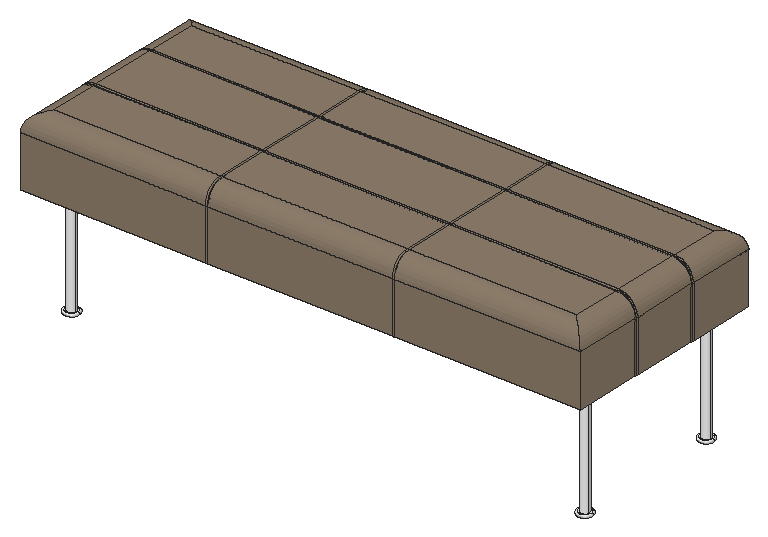
Revit family
Parameters (values of type "3 Seat Sofa")
  Width = 1200 mm
  Material Legs = Metal - Chrome Polished
  Material Fabric = Fabric - Leather Brown
  Keynote = "N"
  Height = 400 mm
  Depth = 450 mm
  Assembly Code = ""
Types (2, lengths in mm): name | Width | Depth
  Armchair | 800 | 600
  3 Seat Sofa | 1200 | 450
Reference planes
  plane 1 "Center (Front/Back)": y = 0
  plane 2: z = 0
  plane 3 "Center (Left/Right)": x = 121.381
  plane 4: z = 400
  plane 5: x = -478.619
  plane 6: x = 721.381
  plane 7: y = -450
  plane 8: y = -150
  plane 9: y = -300
  plane 10: x = -78.619
  plane 11: x = 321.381
  plane 12: y = -375
  plane 13: y = -50
  plane 14: x = -428.619
  plane 15: x = 671.381
Forms (mm)
  Extrusion 1, solid, material "Fabric - Leather Brown" <- "Material Fabric"
    sketch origin (0, 0, 0) x (1, 0, 0) y (0, 0, 1)
      loop
        line (-478.619, 400) -> (-478.619, 250) -> (721.381, 250) -> (721.381, 400) -> (-478.619, 400)
    from 0 to 450
  Sweep 2, void
    path in 3D
      loop
        line (-478.619, -450, 400) -> (-478.619, 0, 400) -> (721.381, 0, 400) -> (721.381, -450, 400) -> (-478.619, -450, 400)
    profile origin (121.381, -450, 400) x (0, -1, 0) y (0, 0, 1)
      loop
        arc (-40, 0) -> (-11.716, -11.716) -> (0, -40) r 40
        line (0, -40) -> (0, 0) -> (-40, 0)
  Revolve 3, solid, material "Metal - Chrome Polished" <- "Material Legs"
    sketch origin (-372.845, -375, 1200) x (-1, 0, 0) y (0, 0, 1)
      loop
        line (55.774, -950) -> (55.774, -1200) -> (69.774, -1200)
        arc (69.774, -1200) -> (72.274, -1197.5) -> (69.774, -1195) r 2.5
        line (69.774, -1195) -> (64.774, -1195) -> (64.774, -950) -> (55.774, -950)
      axis (55.774, -1200) -> (55.774, -950)
    angle from 0 to 360
  Revolve 4, solid, material "Metal - Chrome Polished" <- "Material Legs"
    sketch origin (615.608, -375, 1200) x (1, 0, 0) y (0, 0, -1)
      loop
        line (55.774, 950) -> (64.774, 950) -> (64.774, 1195) -> (69.774, 1195)
        arc (69.774, 1195) -> (72.274, 1197.5) -> (69.774, 1200) r 2.5
        line (69.774, 1200) -> (55.774, 1200) -> (55.774, 950)
      axis (55.774, 1200) -> (55.774, 950)
    angle from 0 to 360
  Revolve 5, solid, material "Metal - Chrome Polished" <- "Material Legs"
    sketch origin (-399.747, -50, 1200) x (-1, 0, 0) y (0, 0, 1)
      loop
        line (28.872, -950) -> (28.872, -1200) -> (42.872, -1200)
        arc (42.872, -1200) -> (45.372, -1197.5) -> (42.872, -1195) r 2.5
        line (42.872, -1195) -> (37.872, -1195) -> (37.872, -950) -> (28.872, -950)
      axis (28.872, -1200) -> (28.872, -950)
    angle from 0 to 360
  Revolve 6, solid, material "Metal - Chrome Polished" <- "Material Legs"
    sketch origin (-399.747, -50, 1200) x (-1, 0, 0) y (0, 0, 1)
      loop
        line (-1071.128, -950) -> (-1080.128, -950) -> (-1080.128, -1195) -> (-1085.128, -1195)
        arc (-1085.128, -1195) -> (-1087.628, -1197.5) -> (-1085.128, -1200) r 2.5
        line (-1085.128, -1200) -> (-1071.128, -1200) -> (-1071.128, -950)
      axis (-1071.128, -1200) -> (-1071.128, -950)
    angle from 0 to 360
  Sweep 7, void
    path origin (-372.845, -375, 1200) x (-1, 0, 0) y (0, 0, 1)
      loop
        line (105.774, -950) -> (105.774, -840)
        arc (105.774, -840) -> (94.058, -811.716) -> (65.774, -800) r 40
        line (65.774, -800) -> (-1054.226, -800)
        arc (-1054.226, -800) -> (-1082.511, -811.716) -> (-1094.226, -840) r 40
        line (-1094.226, -840) -> (-1094.226, -950)
    profile origin (-478.619, -375, 305) x (1, 0, 0) y (0, 1, 0)
      loop
        arc (2.679, 75) -> (0.785, 75.785) -> (0, 77.679) r 2.679
        line (0, 77.679) -> (0, 72.321)
        arc (0, 72.321) -> (0.785, 74.215) -> (2.679, 75) r 2.679
      loop
        arc (2.679, 225) -> (0.785, 225.785) -> (0, 227.679) r 2.679
        line (0, 227.679) -> (0, 222.321)
        arc (0, 222.321) -> (0.785, 224.215) -> (2.679, 225) r 2.679
  Sweep 8, void
    path origin (121.381, 0, 0) x (0, 1, 0) y (0, 0, 1)
      loop
        line (0, 250) -> (0, 360)
        arc (0, 360) -> (-11.716, 388.284) -> (-40, 400) r 40
        line (-40, 400) -> (-410, 400)
        arc (-410, 400) -> (-438.284, 388.284) -> (-450, 360) r 40
        line (-450, 360) -> (-450, 250)
    profile origin (121.381, -450, 305) x (1, 0, 0) y (0, 1, 0)
      loop
        arc (-200, 2.679) -> (-200.785, 0.785) -> (-202.679, 0) r 2.679
        line (-202.679, 0) -> (-197.321, 0)
        arc (-197.321, 0) -> (-199.215, 0.785) -> (-200, 2.679) r 2.679
      loop
        arc (200, 2.679) -> (199.215, 0.785) -> (197.321, 0) r 2.679
        line (197.321, 0) -> (202.679, 0)
        arc (202.679, 0) -> (200.785, 0.785) -> (200, 2.679) r 2.679
Cuts and joins
  Sweep 2, Sweep 7, Sweep 8 cuts Extrusion 1
Lines and regions (mm)
  sketch lines
    curve 1: line (721.381, -450, 400) -> (-478.619, -450, 400)
    curve 2: line (-478.619, -450, 400) -> (-478.619, 0, 400)
    curve 3: line (-478.619, 0, 400) -> (721.381, 0, 400)
    curve 4: line (721.381, -450, 400) -> (721.381, 0, 400)
Dimensions and locks
  equal spacing: plane 5, plane 3 "Center (Left/Right)", plane 6
  "Width": plane 5 to plane 6
  "Depth": plane 7 to plane 1 "Center (Front/Back)"
  equal spacing: plane 5, plane 10, plane 11, plane 6
  equal spacing: plane 1 "Center (Front/Back)", plane 8, plane 9, plane 7
  locked: plane 5 to plane 14 at 50
  locked: plane 15 to plane 6 at 50
  plane 13 to plane 1 "Center (Front/Back)" = 50 mm
  locked: plane 12 to plane 7 at 75
  "Height": plane 4 to level
  aligned and locked: Extrusion 1 sketch curve to plane 4
  aligned and locked: Extrusion 1 to plane 7
  aligned and locked: Sweep 7 sketch curve to cut or joined group of Extrusion 1, Sweep 2, Sweep 7, Sweep 8  (x3)
  aligned and locked: Sweep 8 sketch curve to cut or joined group of Extrusion 1, Sweep 2, Sweep 7, Sweep 8  (x3)
  aligned and locked: plane 10 to Sweep 8 sketch curve
  aligned and locked: plane 11 to Sweep 8 sketch curve
  aligned and locked: plane 8 to Sweep 7 sketch curve
  aligned and locked: plane 9 to Sweep 7 sketch curve
  aligned and locked: Revolve 3 sketch curve to cut or joined group of Extrusion 1, Sweep 2, Sweep 7, Sweep 8
  aligned and locked: Revolve 5 sketch curve to cut or joined group of Extrusion 1, Sweep 2, Sweep 7, Sweep 8
  aligned and locked: cut or joined group of Extrusion 1, Sweep 2, Sweep 7, Sweep 8 to Revolve 4 sketch curve
  aligned and locked: cut or joined group of Extrusion 1, Sweep 2, Sweep 7, Sweep 8 to Revolve 6 sketch curve
Automatic sketch dimensions
  Extrusion 1 sketch curve to plane 5 = 0 mm
  Extrusion 1 sketch curve to plane 6 = 0 mm
  Extrusion 1 sketch curve to plane 4 = 150 mm
  Sweep 2 sketch curve to profile plane = 0 mm  (x2)
  profile plane to Sweep 2 sketch curve = 40 mm
  Revolve 3 sketch curve to plane 14 = 0 mm  (x2)
  Revolve 3 sketch curve to level = 0 mm
  Revolve 3 sketch curve to Revolve 3 sketch curve = 9 mm
  Revolve 3 sketch curve to Revolve 3 sketch curve = 5 mm
  Revolve 3 sketch curve to level = 55 mm
  level to Revolve 3 sketch curve = 2.5 mm
  Revolve 3 sketch curve to Revolve 3 sketch curve = 80 mm
  Revolve 4 sketch curve to plane 15 = 0 mm  (x2)
  Revolve 4 sketch curve to level = 0 mm
  Revolve 4 sketch curve to Revolve 4 sketch curve = 9 mm
  Revolve 4 sketch curve to Revolve 4 sketch curve = 5 mm
  level to Revolve 4 sketch curve = 2.5 mm
  Revolve 4 sketch curve to Revolve 4 sketch curve = 80 mm
  Revolve 4 sketch curve to level = 55 mm
  Revolve 5 sketch curve to plane 14 = 0 mm  (x2)
  Revolve 5 sketch curve to level = 0 mm
  Revolve 5 sketch curve to Revolve 5 sketch curve = 9 mm
  Revolve 5 sketch curve to Revolve 5 sketch curve = 5 mm
  Revolve 5 sketch curve to level = 55 mm
  level to Revolve 5 sketch curve = 2.5 mm
  Revolve 5 sketch curve to Revolve 5 sketch curve = 80 mm
  Revolve 6 sketch curve to level = 0 mm
  Revolve 6 sketch curve to plane 15 = 0 mm  (x2)
  level to Revolve 6 sketch curve = 5 mm
  plane 15 to Revolve 6 sketch curve = 9 mm
  Revolve 6 sketch curve to Revolve 6 sketch curve = 5 mm
  Revolve 6 sketch curve to level = 55 mm
  Revolve 6 sketch curve to Revolve 6 sketch curve = 80 mm
  Sweep 7 sketch curve to Sweep 7 sketch curve = 110 mm  (x2)
  Sweep 7 sketch curve to profile plane = 0 mm  (x4)
  Sweep 7 sketch curve to profile plane = 2.679 mm  (x2)
  Sweep 7 sketch curve to Sweep 7 sketch curve = 0 mm  (x5)
  Sweep 7 sketch curve to Sweep 7 sketch curve = 2.679 mm
  Sweep 8 sketch curve to plane 4 = 150 mm
  Sweep 8 sketch curve to Sweep 8 sketch curve = 110 mm
  Sweep 8 sketch curve to profile plane = 0 mm  (x4)
  Sweep 8 sketch curve to Sweep 8 sketch curve = 2.679 mm  (x3)
  Sweep 8 sketch curve to Sweep 8 sketch curve = 0 mm  (x4)
  Sweep 8 sketch curve to profile plane = 2.679 mm
